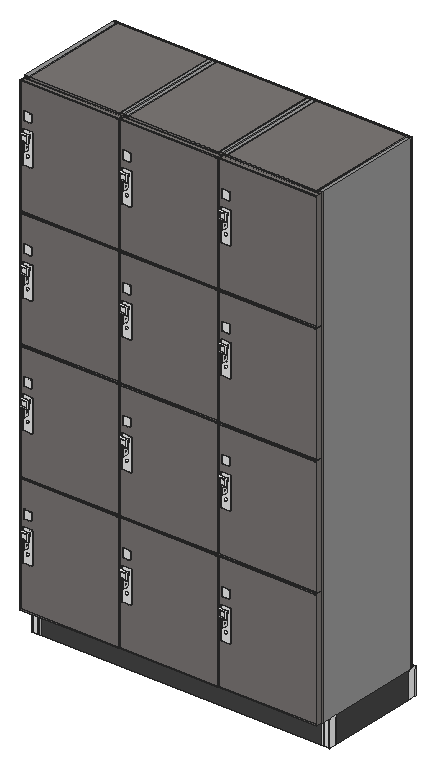
Revit family "Wood_Lockers_Hasps-Salsbury_Industries-15_44000_Series-3_Wide_Units.rfa", category Specialty Equipment, Revit 2016 (continued)
Definition of nested family "Wood Locker Sloping Hoods"
  Automatic sketch dimensions
    Extrusion 3 sketch curve to plane 4 "Front of Hood" = 0.000"
    Extrusion 3 sketch curve to plane 12 = 0.000"
    plane 16 to Extrusion 3 sketch curve = 0.000"
    Extrusion 4 sketch curve to plane 4 "Front of Hood" = 0.000"
    plane 16 to Extrusion 4 sketch curve = 0.000"
    Extrusion 4 sketch curve to plane 5 "Back of Hood" = 0.000"
    plane 14 to Extrusion 4 sketch curve = 0.000"
    plane 9 "Top of Hood" to Extrusion 4 sketch curve = 0.000"
    Extrusion 4 sketch curve to plane 12 = 0.04881"
    Extrusion 2 sketch curve to level = 0.000"
    Extrusion 2 sketch curve to plane 12 = 0.000"
    plane 16 to Extrusion 2 sketch curve = 0.000"
    Extrusion 2 sketch curve to plane 5 "Back of Hood" = 0.000"
    plane 15 to Extrusion 2 sketch curve = 0.000"
    plane 14 to Extrusion 2 sketch curve = 0.000"
    Extrusion 2 sketch curve to plane 13 = 1.08977"
    Extrusion 2 sketch curve to plane 12 = 0.04881"
    Extrusion 1 sketch curve to level = 0.000"
    Extrusion 1 sketch curve to plane 1 "Center (Front/Back)" = 0.000"
    Extrusion 1 sketch curve to Extrusion 1 sketch curve = 0.24302"
Types (7): name | Unit Height including Sloping Hood Only | Unit Height including Base Only | Sloping Hood Height | Overall Unit Height including Base and Sloping Hood | Model | Description | Depth | Compartment Depth | Base Height | Base Depth | Base
  (no name) | 78.868" | 76.000" | 6.868" | 82.868" | "15-44368" | "3 Wide - 6 Feet High - 18 inches Deep - with Base" | 18.000" | 16.750" | 4.000" | 16.250" | Wood Locker Bases : Base - 45" W x 18" D Lockers
  15-44364 | 81.118" | 76.000" | 9.118" | 85.118" | "15-44364" | "3 Wide - 6 Feet High - 24 inches Deep - with Base" | 24.000" | 22.750" | 4.000" | 22.250" | Wood Locker Bases : Base - 45" W x 24" D Lockers
  15-44364 - without Base | 81.118" | 72.000" | 9.118" | 81.118" | "15-44364 without Base" | "3 Wide - 6 Feet High - 24 inches Deep - without Base" | 24.000" | 22.750" | 0.000" | 22.250" | Wood Locker Bases : None
  15-44368 | 78.868" | 76.000" | 6.868" | 82.868" | "15-44368" | "3 Wide - 6 Feet High - 18 inches Deep - with Base" | 18.000" | 16.750" | 4.000" | 16.250" | Wood Locker Bases : Base - 45" W x 18" D Lockers
  15-44368 - without Base | 78.868" | 72.000" | 6.868" | 78.868" | "15-44368 without Base" | "3 Wide - 6 Feet High - 18 inches Deep - without Base" | 18.000" | 16.750" | 0.000" | 16.250" | Wood Locker Bases : None
  15-44361 | 79.993" | 76.000" | 7.993" | 83.993" | "15-44361" | "3 Wide - 6 Feet High - 21 inches Deep - with Base" | 21.000" | 19.750" | 4.000" | 19.250" | Wood Locker Bases : Base - 45" W x 21" D Lockers
  15-44361 - without Base | 79.993" | 72.000" | 7.993" | 79.993" | "15-44361 without Base" | "3 Wide - 6 Feet High - 21 inches Deep - without Base" | 21.000" | 19.750" | 0.000" | 19.250" | Wood Locker Bases : None
